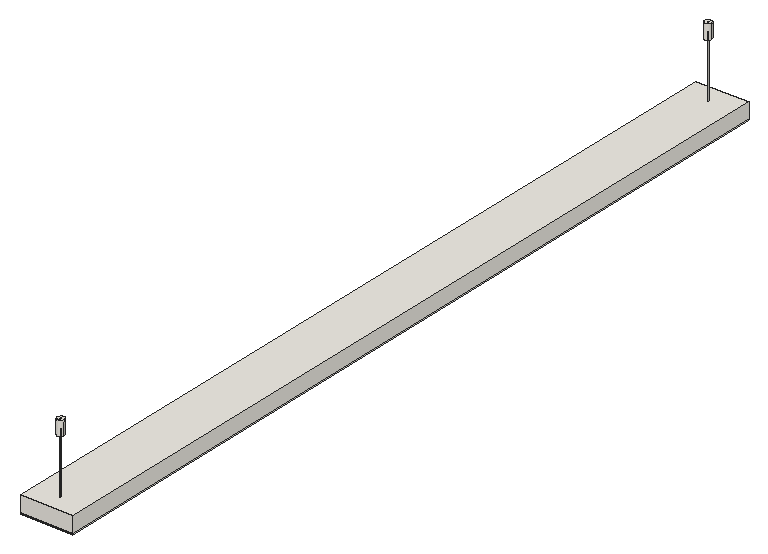
Revit family "ERA_LF_PR_SPO-5-40", category Осветительные приборы, Revit 2019 (continued)
Types (4, lengths in mm): name | Файл фотометрической сетки | built-in parameter 1150142 | Lumens | built-in parameter 1150107 | URL | ADSK_Масса | ADSK_Марка | ADSK_Обозначение | ADSK_Наименование
  SPO-5-40-4K-P (F), LED, IP20, 1200х75х24 мм (ДхШхВ), 36 Вт, 4000 К, 2880 лм, класс защиты I, в комплекте (импульсный драйвер, поликарбонат) | "SPO-5-40-4K-P (F).ies" | "IESNA:LM-63-2002\r\n[TEST] \r\n[TESTLAB] CTS (TUV Certified)\r\n[ISSUEDATE] 2017/05/07\r\n[MANUFAC] ЭРА\r\n[LUMCAT] Светильник светодиодный\r\n[LUMINAIRE] SPO-5-40-4K-P (F)\r\n[LAMPCAT] LED\r\n[LAMP] \r\n[BALLASTCAT] \r\n[BALLAST] \r\n[OTHER] YS01330GON-1800\r\n[MORE] Temprature:25,Humidity:40\r\n[More] Frequency:50.0 Voltage:220.0 Current:0.204 Power:36.2 PF:0.804\r\nTILT=NONE\r\n1 2818.67 1.000 181 7 1 2  1.20 0.075 0.025 \r\n1.000 1.000 36.200\r\n0.0 1.0 2.0 3.0 4.0 5.0 6.0 7.0 8.0 9.0 10.0 11.0 12.0 13.0 14.0 15.0 16.0 17.0 18.0 19.0 20.0 21.0\r\n22.0 23.0 24.0 25.0 26.0 27.0 28.0 29.0 30.0 31.0 32.0 33.0 34.0 35.0 36.0 37.0 38.0 39.0 40.0 41.0 42.0 43.0\r\n44.0 45.0 46.0 47.0 48.0 49.0 50.0 51.0 52.0 53.0 54.0 55.0 56.0 57.0 58.0 59.0 60.0 61.0 62.0 63.0 64.0 65.0\r\n66.0 67.0 68.0 69.0 70.0 71.0 72.0 73.0 74.0 75.0 76.0 77.0 78.0 79.0 80.0 81.0 82.0 83.0 84.0 85.0 86.0 87.0\r\n88.0 89.0 90.0 91.0 92.0 93.0 94.0 95.0 96.0 97.0 98.0 99.0 100.0 101.0 102.0 103.0 104.0 105.0 106.0 107.0 108.0 109.0\r\n110.0 111.0 112.0 113.0 114.0 115.0 116.0 117.0 118.0 119.0 120.0 121.0 122.0 123.0 124.0 125.0 126.0 127.0 128.0 129.0 130.0 131.0\r\n132.0 133.0 134.0 135.0 136.0 137.0 138.0 139.0 140.0 141.0 142.0 143.0 144.0 145.0 146.0 147.0 148.0 149.0 150.0 151.0 152.0 153.0\r\n154.0 155.0 156.0 157.0 158.0 159.0 160.0 161.0 162.0 163.0 164.0 165.0 166.0 167.0 168.0 169.0 170.0 171.0 172.0 173.0 174.0 175.0\r\n176.0 177.0 178.0 179.0 180.0\r\n0.0 30.0 60.0 90.0 120.0 150.0 180.0\r\n972.633 1013.026 1010.100 1014.330 1010.248 1008.362 1006.739 999.208 995.805 992.546 985.895 980.867 982.434 971.310\r\n972.597 971.129 965.599 966.785 959.399 955.788 949.887 944.877 939.806 931.849 922.268 913.657 901.174 891.948\r\n881.027 878.292 871.061 862.070 855.231 843.034 834.680 823.744 814.368 804.546 792.578 778.153 767.735 759.391\r\n747.282 732.641 718.563 707.556 693.468 678.099 660.754 641.907 626.086 609.715 591.395 572.681 557.240 541.010\r\n522.712 505.889 492.212 477.568 461.477 436.940 410.583 389.130 367.092 339.160 313.183 290.916 275.276 267.388\r\n236.628 197.555 167.264 146.594 127.825 106.718 90.462 80.373 71.254 67.841 54.138 43.697 36.607 30.295\r\n23.436 19.171 15.441 13.851 12.675 10.935 10.251 9.365 8.276 7.925 7.243 6.426 6.295 5.909\r\n5.169 5.456 4.936 4.354 4.610 3.845 3.925 3.899 3.149 3.182 3.045 2.500 2.479 2.537\r\n1.861 1.878 2.004 1.313 1.618 1.551 0.883 1.106 0.988 0.456 0.685 0.695 0.179 0.629\r\n0.605 0.009 0.493 0.224 0.001 0.435 0.378 0.103 0.449 0.452 0.077 0.620 0.159 0.077\r\n0.651 0.158 0.352 0.617 0.229 0.355 0.621 0.246 0.307 0.646 0.087 0.246 0.620 0.126\r\n0.604 0.663 0.136 0.646 0.381 0.296 0.637 0.426 0.256 0.698 0.419 0.238 0.742 0.190\r\n0.219 0.766 0.187 0.615 0.192 0.762 0.550 0.519 0.546 0.177 0.731 0.234 0.506\r\n972.633 981.193 979.501 983.343 981.990 977.318 978.609 971.605 965.923 965.395 960.744 954.515 950.537 950.623\r\n941.791 937.694 939.985 932.808 931.640 927.889 921.488 915.734 909.434 903.951 897.630 891.019 880.269 871.573\r\n856.371 845.971 835.387 827.287 823.346 815.815 806.115 799.742 788.175 780.778 769.925 760.194 749.023 735.670\r\n720.113 710.217 702.327 689.447 674.981 658.841 645.984 632.885 617.015 598.902 579.310 560.003 543.756 524.686\r\n505.026 486.743 469.921 453.867 433.817 417.606 401.803 383.492 355.906 329.575 309.388 286.902 261.427 240.962\r\n226.569 219.442 190.530 154.223 129.526 112.861 96.742 79.903 67.937 61.183 56.268 47.936 38.642 30.724\r\n26.495 20.782 16.928 14.570 12.652 10.912 10.447 9.012 8.241 8.081 6.893 6.666 6.260 5.518\r\n5.338 5.135 4.358 4.339 4.197 3.393 3.631 3.200 2.458 2.781 2.069 1.862 2.187 1.499\r\n1.551 1.477 0.942 1.054 0.986 0.485 0.735 0.619 0.214 0.653 0.343 0.047 0.497 0.000\r\n0.097 0.517 0.000 0.540 0.189 0.000 0.574 0.116 0.281 0.574 0.066 0.384 0.386 0.050\r\n0.480 0.363 0.124 0.564 0.225 0.228 0.552 0.049 0.381 0.527 0.090 0.708 0.405 0.197\r\n0.693 0.090 0.341 0.642 0.136 0.743 0.565 0.198 0.724 0.123 0.621 0.679 0.100 0.693\r\n0.284 0.135 0.717 0.252 0.194 0.199 0.169 0.725 0.145 0.663 0.706 0.052 0.506\r\n972.633 980.606 980.552 977.773 976.037 978.892 980.526 978.365 973.656 969.137 968.327 966.326 960.386 952.675\r\n946.239 940.957 934.815 929.134 927.409 918.754 908.633 905.257 904.632 898.883 889.316 883.415 879.044 873.042\r\n870.412 862.649 851.065 843.322 838.541 827.564 814.498 805.844 799.449 788.806 776.847 767.848 756.136 741.192\r\n727.374 709.772 695.890 680.488 665.103 650.226 636.616 625.844 611.567 596.719 581.944 566.863 548.496 526.107\r\n511.275 495.568 482.904 469.197 449.823 428.844 408.358 388.915 367.543 346.627 324.510 308.470 292.801 271.174\r\n252.285 228.303 205.511 189.476 171.879 154.774 139.015 123.903 111.921 98.449 90.528 83.781 67.096 54.947\r\n44.292 35.191 29.908 24.916 20.445 18.069 14.270 11.409 9.798 7.742 6.596 5.889 4.648 4.389\r\n3.933 3.000 3.109 2.500 1.846 2.038 1.160 0.932 1.197 0.404 0.737 0.607 0.010 0.497\r\n0.069 0.000 0.461 0.035 0.223 0.395 0.022 0.260 0.397 0.000 0.262 0.320 0.000 0.525\r\n0.314 0.000 0.509 0.009 0.018 0.557 0.030 0.376 0.366 0.064 0.479 0.391 0.084 0.463\r\n0.418 0.114 0.641 0.449 0.079 0.594 0.134 0.038 0.604 0.183 0.381 0.538 0.205 0.367\r\n0.541 0.099 0.320 0.618 0.078 0.566 0.632 0.098 0.565 0.378 0.141 0.549 0.482 0.168\r\n0.493 0.626 0.148 0.735 0.409 0.711 0.671 0.147 0.596 0.223 0.615 0.159 0.506\r\n972.633 970.963 969.924 969.903 970.065 968.833 967.348 965.178 962.987 960.310 958.252 955.631 953.107 949.453\r\n946.299 942.904 937.734 934.084 930.821 925.486 921.905 919.401 913.819 909.766 905.361 896.941 888.624 879.781\r\n870.332 863.450 855.351 847.726 839.054 830.246 820.423 811.682 798.325 787.452 774.944 763.109 750.526 736.029\r\n722.792 709.519 697.586 683.901 671.338 656.826 639.677 622.884 607.684 590.290 573.404 555.124 537.058 516.567\r\n496.653 477.317 459.082 438.342 417.856 398.527 376.300 355.583 334.612 314.074 293.883 274.002 252.315 230.318\r\n210.129 192.709 171.449 152.573 134.920 117.512 101.673 85.049 69.544 56.237 44.917 34.684 27.310 19.890\r\n14.374 10.443 6.355 4.005 2.329 0.625 0.599 0.470 0.041 0.311 0.238 0.000 0.419 0.128\r\n0.000 0.428 0.000 0.000 0.328 0.000 0.361 0.381 0.000 0.377 0.016 0.000 0.511 0.000\r\n0.179 0.233 0.000 0.293 0.181 0.000 0.383 0.091 0.076 0.387 0.042 0.185 0.363 0.000\r\n0.270 0.275 0.000 0.489 0.000 0.083 0.445 0.000 0.519 0.454 0.000 0.547 0.000 0.000\r\n0.554 0.000 0.496 0.574 0.000 0.553 0.089 0.286 0.633 0.085 0.459 0.407 0.058 0.595\r\n0.332 0.322 0.713 0.244 0.444 0.535 0.146 0.566 0.446 0.276 0.720 0.366 0.405 0.687\r\n0.167 0.494 0.593 0.230 0.245 0.653 0.262 0.461 0.307 0.407 0.690 0.438 0.506\r\n972.633 956.846 959.207 960.408 960.470 959.316 959.244 962.305 965.413 965.229 961.958 955.849 952.732 955.002\r\n956.042 951.599 944.165 935.297 932.391 933.968 929.726 920.421 908.877 901.543 903.361 904.163 896.890 883.918\r\n876.319 873.154 867.918 858.978 845.533 829.847 819.318 811.008 800.892 789.421 777.153 764.489 752.788 742.682\r\n734.925 719.667 701.372 690.514 678.432 660.672 643.913 629.565 615.957 603.196 586.275 566.047 549.533 527.802\r\n508.027 488.780 467.866 451.741 438.764 421.625 411.533 400.002 379.993 356.179 335.305 316.766 293.532 273.991\r\n250.508 231.672 214.538 193.501 171.291 148.924 132.096 119.675 109.417 98.774 89.354 82.488 76.210 69.746\r\n61.253 47.600 38.197 32.050 27.016 22.636 18.447 15.045 12.458 10.506 8.269 7.818 6.467 5.360\r\n5.087 4.062 3.167 2.898 2.271 1.701 1.861 1.398 0.888 1.278 0.537 0.397 0.834 0.367\r\n0.449 0.732 0.279 0.406 0.627 0.137 0.344 0.653 0.100 0.625 0.670 0.139 0.663 0.266\r\n0.068 0.646 0.275 0.302 0.642 0.245 0.365 0.566 0.082 0.351 0.536 0.086 0.696 0.453\r\n0.141 0.696 0.113 0.228 0.653 0.059 0.622 0.570 0.061 0.656 0.129 0.500 0.697 0.074\r\n0.586 0.309 0.043 0.654 0.176 0.477 0.701 0.152 0.531 0.475 0.160 0.675 0.458 0.444\r\n0.806 0.398 0.568 0.703 0.872 0.290 0.641 0.686 0.583 0.779 0.467 0.832 0.506\r\n972.633 951.961 952.814 953.746 961.780 965.570 962.719 967.420 968.108 961.585 961.243 961.674 956.645 953.032\r\n956.534 949.218 942.612 944.820 936.891 927.966 927.352 919.696 905.328 899.230 897.010 890.424 886.462 886.364\r\n877.747 866.001 855.369 844.256 832.010 820.784 812.029 808.002 794.004 780.793 768.857 762.488 754.468 747.099\r\n735.852 718.531 697.686 679.753 668.727 657.060 647.958 635.481 620.531 605.502 592.318 584.355 567.000 539.736\r\n518.276 498.780 481.747 463.120 447.195 426.106 398.771 377.737 357.103 337.085 319.069 297.896 278.228 254.869\r\n234.281 215.353 213.790 218.207 187.113 160.580 131.513 102.699 84.585 73.268 64.119 55.789 48.293 43.868\r\n44.903 38.815 34.904 30.113 25.402 22.393 17.679 15.154 12.794 10.681 10.214 9.018 8.341 8.055\r\n6.984 6.572 6.258 5.404 5.234 4.731 3.943 3.965 3.499 2.993 3.149 2.637 2.375 2.560\r\n1.854 2.294 2.029 1.486 2.006 1.315 1.345 1.857 1.258 1.764 1.789 1.204 1.745 1.190\r\n0.986 1.480 0.789 0.954 0.762 0.193 0.752 0.462 0.320 0.662 0.262 0.357 0.603 0.157\r\n0.491 0.469 0.154 0.558 0.328 0.243 0.638 0.080 0.392 0.567 0.154 0.726 0.494 0.181\r\n0.744 0.103 0.228 0.682 0.119 0.645 0.639 0.094 0.653 0.208 0.417 0.674 0.176 0.441\r\n0.522 0.196 0.541 0.545 0.529 0.179 0.524 0.568 0.508 0.600 0.262 0.529 0.506\r\n972.633 969.956 968.701 970.024 977.810 974.851 977.766 980.591 973.602 975.141 973.130 968.411 971.982 970.013\r\n966.167 966.496 957.173 953.559 948.337 933.798 928.878 922.985 918.029 921.115 918.607 911.963 903.352 891.861\r\n881.561 870.539 863.681 858.298 845.049 834.012 822.486 812.631 812.611 805.464 793.155 778.042 760.741 747.082\r\n736.371 725.594 717.634 706.716 693.959 681.639 665.900 651.792 634.411 622.903 601.108 584.393 569.770 556.773\r\n541.302 515.215 494.692 478.143 456.743 436.741 418.445 393.348 370.510 344.179 324.120 301.973 280.913 279.012\r\n294.814 266.328 217.452 187.342 156.519 126.418 106.406 95.418 83.221 72.910 67.233 60.179 56.909 58.277\r\n46.531 41.425 37.321 29.244 23.549 18.682 16.162 13.270 11.604 10.999 9.662 8.979 8.470 7.437\r\n6.963 6.581 5.573 5.378 5.121 4.149 4.352 3.892 2.986 3.231 2.432 2.073 2.394 1.588\r\n1.647 1.632 0.902 1.009 0.860 0.357 0.580 0.493 0.058 0.571 0.332 0.000 0.516 0.000\r\n0.000 0.492 0.000 0.337 0.562 0.057 0.327 0.391 0.000 0.326 0.429 0.013 0.565 0.484\r\n0.030 0.546 0.146 0.000 0.576 0.186 0.223 0.557 0.265 0.186 0.606 0.076 0.157 0.645\r\n0.072 0.505 0.672 0.153 0.458 0.502 0.172 0.451 0.575 0.109 0.365 0.631 0.108 0.654\r\n0.687 0.162 0.647 0.398 0.716 0.140 0.427 0.187 0.446 0.524 0.151 0.715 0.506\r\n\r\n" | 2880 lm | 4000 (stored number, unit not read) | "https://www.eraworld.ru/catalog/64234" | 0.42 | "SPO-5-40-4K-P (F)" | "SPO-5-40-4K-P (F)" | "Светильник, LED, прямоугольный, подвесной, IP20, 1200х75х24 мм (ДхШхВ), 36 Вт, 4000 К, 2880 лм, класс защиты I, в комплекте (импульсный драйвер, поликарбонат)"
